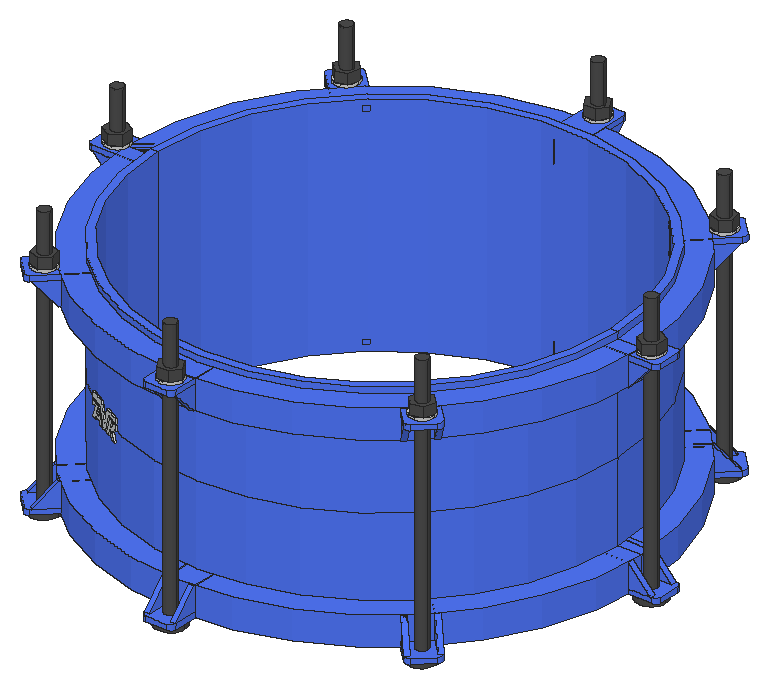
Revit family "601-A-009-DN350-400", category Pipe Accessories, Revit 2019
Family settings
  Round Connector Dimension = Use Diameter
  Part Type = Valve - Breaks Into
  Work Plane-Based = No
  Always vertical = Yes
  Cut with Voids When Loaded = No
  Shared = No
Parameters (values of type "DN400_436-462")
  W2 = (D3 / 2) - 5 mm  # 286 mm
  W1 = 32 mm  # constant formula
  URL_product_pages = "https://www.avkvalves.com/P.aspx?no=6010630006100"
  Search_Table = "601-A-009-DN350-400"
  PCD_Ref_2 = PCD + 24 mm  # 570 mm
  PCD_Ref = PCD - 20 mm  # 526 mm
  PCD = size_lookup(Search_Table, "PCD", 0 mm, DN)  # 546 mm
  L1 = size_lookup(Search_Table, "L1", 0 mm, DN)  # 160 mm
  L = size_lookup(Search_Table, "L", 0 mm, DN)  # 276.5 mm
  ID = DN / 2  # 200.05 mm
  F = 5 mm  # constant formula
  Description_ = "AVK UNIVERSAL SUPA® STRAIGHT COUPLING"
  DN_Ref = DN2 / 2  # 231 mm
  DN400_436-462 = "601-462-000-4100"
  DN400_410-436 = "601-436-000-4100"
  DN350_384-410 = "601-410-000-4100"
  DN350_372-396 = "601-396-000-4100"
  DN2 = size_lookup(Search_Table, "DN2", 0 mm, DN)  # 462 mm
  DN = 400.1 mm
  D3_Ref = D3 - 12 mm  # 570 mm
  D3 = size_lookup(Search_Table, "D3", 0 mm, DN)  # 582 mm
  D2 = D1 / 1.1  # 239.091 mm
  D1 = size_lookup(Search_Table, "D1", 0 mm, DN) / 2  # 263 mm
  Body_height_ref = Body_height - 12 mm  # 219 mm
  Body_height = size_lookup(Search_Table, "Body_height", 0 mm, DN)  # 231 mm
  B2 = Body_height / 2  # 115.5 mm
Types (5, lengths in mm): name | W2 | PCD_Ref_2 | PCD_Ref | PCD | ID | DN_Ref | DN2 | DN | D3_Ref | D3 | D2 | D1
  (no name) | 286 | 570 | 526 | 546 | 200.05 | 231 | 462 | 400.1 | 570 | 582 | 239.091 | 263
  DN350_372-396 | 251.5 | 500 | 456 | 476 | 175 | 198 | 396 | 350 | 501 | 513 | 207.273 | 228
  DN350_384-410 | 260 | 518 | 474 | 494 | 175.05 | 205 | 410 | 350.1 | 518 | 530 | 215 | 236.5
  DN400_410-436 | 273 | 544 | 500 | 520 | 200 | 218 | 436 | 400 | 544 | 556 | 227.273 | 250
  DN400_436-462 | 286 | 570 | 526 | 546 | 200.05 | 231 | 462 | 400.1 | 570 | 582 | 239.091 | 263
Reference planes
  plane 1 "Center (Front/Back)": y = 0
  plane 2: z = 0
  plane 3 "Center (Left/Right)": x = 0
  plane 4: y = 291
  plane 5: x = -16
  plane 6: x = 16
  plane 7: x = -16
  plane 8: y = -291
  plane 9: x = 16
  plane 10: x = -11
  plane 11: y = 286
  plane 12: x = 11
  plane 13: y = 286
  plane 14: y = -286
  plane 15: x = 11
  plane 16: x = -11
  plane 17: y = -286
  plane 18: y = -16
  plane 19: y = 16
  plane 20: x = 16
  plane 21: x = -16
  plane 22: x = 273
  plane 23: x = -273
  plane 24: y = 273
  plane 25: y = -273
  plane 26: z = 109.5
  plane 27: z = -109.5
  plane 28: z = -115.5
  plane 29: z = 161
  plane 30: z = 98.5
  plane 31: through (0, 0, 1200) normal (-0.5, -0.866, 0)
  plane 32: through (167.143, 96.5, 1200) normal (0.5, -0.866, 0)
  plane 33: z = 112.274
  plane 34: through (0, 0, 1200) normal (-0.7071, 0.7071, 0)
  plane 35: through (0, 0, 1200) normal (-0.7071, -0.7071, 0)
  plane 36: through (-230.179, -207.552, 1200) normal (-0.7071, 0.7071, 0)
  plane 37: through (212.337, 189.709, 1200) normal (0.7071, -0.7071, 0)
  plane 38: through (-177.4, -234.136, 1200) normal (-0.7071, -0.7071, 0)
  plane 39: through (177.567, 233.969, 1200) normal (0.7071, 0.7071, 0)
  plane 40: through (-219.827, -184.638, 1200) normal (-0.7071, -0.7071, 0)
  plane 41: through (184.638, 219.827, 1200) normal (-0.7071, -0.7071, 0)
  plane 42: through (179.943, 195.499, 1200) normal (-0.7071, 0.7071, 0)
  plane 43: through (195.499, 179.943, 1200) normal (-0.7071, 0.7071, 0)
  plane 44: through (-208.966, -193.41, 1200) normal (0.7071, -0.7071, 0)
  plane 45: through (-193.41, -208.966, 1200) normal (0.7071, -0.7071, 0)
  plane 46: through (-211.811, 189.183, 1200) normal (0.7071, 0.7071, 0)
  plane 47: through (-189.183, 211.811, 1200) normal (0.7071, 0.7071, 0)
  plane 48: through (-240.477, 171.059, 1200) normal (-0.7071, 0.7071, 0)
  plane 49: through (174.595, -236.941, 1200) normal (-0.7071, 0.7071, 0)
  plane 50: through (-178.577, 194.133, 1200) normal (-0.7071, -0.7071, 0)
  plane 51: through (-176.837, 227.628, 1200) normal (-0.7071, 0.7071, 0)
  plane 52: through (-194.133, 178.577, 1200) normal (-0.7071, -0.7071, 0)
  plane 53: through (227.628, -176.837, 1200) normal (-0.7071, 0.7071, 0)
  plane 54: through (196.19, -180.634, 1200) normal (-0.7071, -0.7071, 0)
  plane 55: through (180.634, -196.19, 1200) normal (0.7071, 0.7071, 0)
  plane 56: through (188.737, -215.728, 1200) normal (-0.7071, 0.7071, 0)
  plane 57: through (-213.546, 190.919, 1200) normal (0.7071, -0.7071, 0)
  plane 58: y = 11
  plane 59: x = -285.643
  plane 60: y = -11
  plane 61: x = -285.643
  plane 62: x = 285.643
  plane 63: y = 11
  plane 64: y = -11
  plane 65: x = 285.643
  plane 66: x = -291
  plane 67: x = 291
  plane 68: through (-213.546, 190.919, 1200) normal (0.7071, -0.7071, 0)
  plane 69: through (-190.919, 213.546, 1200) normal (-0.7071, 0.7071, 0)
  plane 70: through (-198.151, 175.524, 1200) normal (-0.7071, -0.7071, 0)
  plane 71: through (-186.13, 208.758, 1200) normal (0.7071, 0.7071, 0)
  plane 72: through (189.889, -221.648, 1200) normal (-0.7071, 0.7071, 0)
  plane 73: through (213.546, -190.919, 1200) normal (-0.7071, 0.7071, 0)
  plane 74: through (190.919, -213.546, 1200) normal (0.7071, -0.7071, 0)
  plane 75: through (-220.617, 190.919, 1200) normal (-0.7071, 0.7071, 0)
  plane 76: through (-197.922, 182.365, 1200) normal (-0.7071, -0.7071, 0)
  plane 77: through (-182.595, 198.151, 1200) normal (-0.7071, -0.7071, 0)
  plane 78: through (198.151, -182.595, 1200) normal (-0.7071, -0.7071, 0)
  plane 79: through (182.595, -198.151, 1200) normal (-0.7071, -0.7071, 0)
  plane 80: through (-217.411, -194.783, 1200) normal (-0.7071, 0.7071, 0)
  plane 81: through (215.829, 193.201, 1200) normal (0.7071, -0.7071, 0)
  plane 82: through (-224.153, -187.383, 1200) normal (0.7071, 0.7071, 0)
  plane 83: through (180.312, 231.224, 1200) normal (0.7071, 0.7071, 0)
  plane 84: through (182.595, 198.151, 1200) normal (-0.7071, 0.7071, 0)
  plane 85: through (198.151, 182.595, 1200) normal (-0.7071, 0.7071, 0)
  plane 86: through (190.919, 213.546, 1200) normal (-0.7071, -0.7071, 0)
  plane 87: through (213.546, 190.919, 1200) normal (-0.7071, -0.7071, 0)
  plane 88: through (-190.919, -213.546, 1200) normal (-0.7071, -0.7071, 0)
  plane 89: through (-182.595, -198.151, 1200) normal (-0.7071, 0.7071, 0)
  plane 90: through (-213.546, -190.919, 1200) normal (-0.7071, -0.7071, 0)
  plane 91: through (-198.151, -182.595, 1200) normal (0.7071, -0.7071, 0)
Forms (mm)
  Revolve 1, solid, material "Plastic"
    sketch origin (0, 0, 0) x (1, 0, 0) y (0, 0, 1)
      loop
        line (0, 115.5) -> (0, -115.5) -> (239.091, -115.5) -> (239.091, -109.5) -> (263, -109.5) -> (263, -80) -> (239.091, -80) -> (239.091, 0) -> (239.091, 80) -> (263, 80) -> (263, 109.5) -> (239.091, 109.5) -> (239.091, 115.5) -> (0, 115.5)
      axis (0, -115.5) -> (0, 115.5)
    angle from 0 to 360
  Extrusion 2, solid, material "Plastic"
    sketch origin (0, 0, 0) x (1, 0, 0) y (0, 1, 0)
      loop
        arc (-11, 291) -> (-14.536, 289.536) -> (-16, 286) r 5
        line (-16, 286) -> (-16, -16) -> (-16, -286)
        arc (-16, -286) -> (-14.536, -289.536) -> (-11, -291) r 5
        line (-11, -291) -> (11, -291)
        arc (11, -291) -> (14.536, -289.536) -> (16, -286) r 5
        line (16, -286) -> (16, -16) -> (16, 286)
        arc (16, 286) -> (14.536, 289.536) -> (11, 291) r 5
        line (11, 291) -> (-11, 291)
    from 104.5 to 109.5
  Extrusion 3, solid, material "Plastic"
    sketch origin (0, 0, 0) x (1, 0, 0) y (0, 1, 0)
      loop
        line (16, 16) -> (16, 286)
        arc (16, 286) -> (14.536, 289.536) -> (11, 291) r 5
        line (11, 291) -> (-11, 291)
        arc (-11, 291) -> (-14.536, 289.536) -> (-16, 286) r 5
        line (-16, 286) -> (-16, 16) -> (-16, -286)
        arc (-16, -286) -> (-14.536, -289.536) -> (-11, -291) r 5
        line (-11, -291) -> (11, -291)
        arc (11, -291) -> (14.536, -289.536) -> (16, -286) r 5
        line (16, -286) -> (16, 16)
    from -109.5 to -104.5
  Extrusion 4, solid, material "Plastic"
    sketch origin (0, 0, 0) x (0.5, 0.866025, 0) y (-0.866025, 0.5, 0)
      loop
        line (58.567, 280.396) -> (-89.477, -272.114)
        arc (-89.477, -272.114) -> (-88.978, -275.908) -> (-85.942, -278.237) r 5
        line (-85.942, -278.237) -> (-64.691, -283.931)
        arc (-64.691, -283.931) -> (-60.897, -283.432) -> (-58.567, -280.396) r 5
        line (-58.567, -280.396) -> (89.477, 272.114)
        arc (89.477, 272.114) -> (88.978, 275.908) -> (85.942, 278.237) r 5
        line (85.942, 278.237) -> (64.691, 283.931)
        arc (64.691, 283.931) -> (60.897, 283.432) -> (58.567, 280.396) r 5
    from 104.5 to 109.5
  Extrusion 5, solid, material "Plastic"
    sketch origin (0, 0, 0) x (-0.5, 0.866025, 0) y (-0.866025, -0.5, 0)
      loop
        line (89.477, -272.114) -> (-58.567, 280.396)
        arc (-58.567, 280.396) -> (-60.897, 283.432) -> (-64.691, 283.931) r 5
        line (-64.691, 283.931) -> (-85.942, 278.237)
        arc (-85.942, 278.237) -> (-88.978, 275.908) -> (-89.477, 272.114) r 5
        line (-89.477, 272.114) -> (58.567, -280.396)
        arc (58.567, -280.396) -> (60.897, -283.432) -> (64.691, -283.931) r 5
        line (64.691, -283.931) -> (85.942, -278.237)
        arc (85.942, -278.237) -> (88.978, -275.908) -> (89.477, -272.114) r 5
    from 104.5 to 109.5
  Extrusion 6, solid, material "Plastic"
    sketch origin (0, 0, 0) x (1, 0, 0) y (0, 1, 0)
      loop
        line (213.546, -190.919) -> (22.627, 0) -> (213.546, 190.919)
        arc (213.546, 190.919) -> (215.011, 194.454) -> (213.546, 197.99) r 5
        line (213.546, 197.99) -> (197.99, 213.546)
        arc (197.99, 213.546) -> (194.454, 215.011) -> (190.919, 213.546) r 5
        line (190.919, 213.546) -> (0, 22.627) -> (-190.919, 213.546)
        arc (-190.919, 213.546) -> (-194.454, 215.011) -> (-197.99, 213.546) r 5
        line (-197.99, 213.546) -> (-213.546, 197.99)
        arc (-213.546, 197.99) -> (-215.011, 194.454) -> (-213.546, 190.919) r 5
        line (-213.546, 190.919) -> (-22.627, 0) -> (-213.546, -190.919)
        arc (-213.546, -190.919) -> (-215.011, -194.454) -> (-213.546, -197.99) r 5
        line (-213.546, -197.99) -> (-197.99, -213.546)
        arc (-197.99, -213.546) -> (-194.454, -215.011) -> (-190.919, -213.546) r 5
        line (-190.919, -213.546) -> (0, -22.627) -> (190.919, -213.546)
        arc (190.919, -213.546) -> (194.454, -215.011) -> (197.99, -213.546) r 5
        line (197.99, -213.546) -> (213.546, -197.99)
        arc (213.546, -197.99) -> (215.011, -194.454) -> (213.546, -190.919) r 5
    from -104.5 to -109.5
  Extrusion 7, solid, material "Stainless Steel AISI 304"
    sketch origin (0, 0, 0) x (1, 0, 0) y (0, 1, 0)
      loop
        circle (0, 273) r 6
      loop
        circle (0, -273) r 6
      loop
        circle (-193.04, 193.04) r 6
      loop
        circle (193.04, -193.04) r 6
      loop
        circle (-193.04, -193.04) r 6
      loop
        circle (193.04, 193.04) r 6
      loop
        circle (-273, 0) r 6
      loop
        circle (273, 0) r 6
    from -104.5 to 161
  Extrusion 8, solid, material "Stainless Steel AISI 304(1)"
    sketch origin (0, 0, 0) x (1, 0, 0) y (0, 1, 0)
      loop
        circle (0, 273) r 12
      loop
        circle (0, -273) r 12
      loop
        circle (-193.04, 193.04) r 12
      loop
        circle (193.04, 193.04) r 12
      loop
        circle (-193.04, -193.04) r 12
      loop
        circle (193.04, -193.04) r 12
      loop
        circle (-273, 0) r 12
      loop
        circle (273, 0) r 12
    from 109.5 to 111.822
  Extrusion 9, solid, material "Stainless Steel AISI 304"
    sketch origin (0, 0, 0) x (1, 0, 0) y (0, 1, 0)
      loop
        line (12, 273) -> (6, 283.392) -> (-6, 283.392) -> (-12, 273) -> (-6, 262.608) -> (6, 262.608) -> (12, 273)
      loop
        line (189.934, -204.631) -> (201.525, -201.525) -> (204.631, -189.934) -> (196.146, -181.449) -> (184.555, -184.555) -> (181.449, -196.146) -> (189.934, -204.631)
      loop
        line (12, -273) -> (6, -262.608) -> (-6, -262.608) -> (-12, -273) -> (-6, -283.392) -> (6, -283.392) -> (12, -273)
      loop
        line (-189.934, 204.631) -> (-201.525, 201.525) -> (-204.631, 189.934) -> (-196.146, 181.449) -> (-184.555, 184.555) -> (-181.449, 196.146) -> (-189.934, 204.631)
      loop
        line (-189.934, -204.631) -> (-181.449, -196.146) -> (-184.555, -184.555) -> (-196.146, -181.449) -> (-204.631, -189.934) -> (-201.525, -201.525) -> (-189.934, -204.631)
      loop
        line (189.934, 204.631) -> (181.449, 196.146) -> (184.555, 184.555) -> (196.146, 181.449) -> (204.631, 189.934) -> (201.525, 201.525) -> (189.934, 204.631)
      loop
        line (283.392, -6) -> (283.392, 6) -> (273, 12) -> (262.608, 6) -> (262.608, -6) -> (273, -12) -> (283.392, -6)
      loop
        line (-283.392, 6) -> (-283.392, -6) -> (-273, -12) -> (-262.608, -6) -> (-262.608, 6) -> (-273, 12) -> (-283.392, 6)
    from 111.822 to 122.274
  Extrusion 10, solid, material "Stainless Steel AISI 304"
    sketch origin (0, 0, 0) x (1, 0, 0) y (0, 1, 0)
      loop
        circle (0, 273) r 15
      loop
        circle (0, -273) r 15
      loop
        circle (193.04, 193.04) r 15
      loop
        circle (-193.04, 193.04) r 15
      loop
        circle (193.04, -193.04) r 15
      loop
        circle (-193.04, -193.04) r 15
      loop
        circle (-273, 0) r 15
      loop
        circle (273, 0) r 15
    from -109.5 to -115.5
  Blend 11, solid, material "Plastic"
    base sketch origin (0, 0, 0) x (1, 0, 0) y (0, 1, 0)
      loop
        line (16, 286) -> (11, 286) -> (11, -286) -> (16, -286) -> (16, 286)
    top sketch origin (0, 0, 0) x (1, 0, 0) y (0, 1, 0)
      loop
        line (10.961, 263) -> (10.961, -263) -> (16, -263) -> (16, 263) -> (10.961, 263)
    from 104.5 to 80
  Blend 12, solid, material "Plastic"
    base sketch origin (0, 0, 0) x (1, 0, 0) y (0, 1, 0)
      loop
        line (-16, 286) -> (-16, -286) -> (-11, -286) -> (-11, 286) -> (-16, 286)
    top sketch origin (0, 0, 0) x (1, 0, 0) y (0, 1, 0)
      loop
        line (-16, 263) -> (-16, -263) -> (-11, -263) -> (-11, 263) -> (-16, 263)
    from 104.5 to 80
  Blend 13, solid, material "Plastic"
    base sketch origin (0, 0, 0) x (1, 0, 0) y (0, 1, 0)
      loop
        line (193.747, 209.304) -> (190.212, 212.839) -> (-212.839, -190.212) -> (-209.304, -193.747) -> (193.747, 209.304)
    top sketch origin (0, 0, 0) x (1, 0, 0) y (0, 1, 0)
      loop
        line (178.191, 193.747) -> (174.655, 197.283) -> (-197.283, -174.655) -> (-193.747, -178.191) -> (178.191, 193.747)
    from 104.5 to 80
  Blend 14, solid, material "Plastic"
    base sketch origin (0, 0, 0) x (1, 0, 0) y (0, 1, 0)
      loop
        line (212.839, 190.212) -> (209.304, 193.747) -> (-193.747, -209.304) -> (-190.212, -212.839) -> (212.839, 190.212)
    top sketch origin (0, 0, 0) x (1, 0, 0) y (0, 1, 0)
      loop
        line (193.747, 178.191) -> (-178.191, -193.747) -> (-174.655, -197.283) -> (197.283, 174.655) -> (193.747, 178.191)
    from 104.5 to 80
  Blend 15, solid, material "Plastic"
    base sketch origin (0, 0, 0) x (1, 0, 0) y (0, 1, 0)
      loop
        line (-190.212, 212.839) -> (-193.747, 209.304) -> (209.304, -193.747) -> (212.839, -190.212) -> (-190.212, 212.839)
    top sketch origin (0, 0, 0) x (1, 0, 0) y (0, 1, 0)
      loop
        line (-174.655, 197.283) -> (-178.191, 193.747) -> (193.747, -178.191) -> (197.283, -174.655) -> (-174.655, 197.283)
    from 104.5 to 80
  Blend 16, solid, material "Plastic"
    base sketch origin (0, 0, 0) x (1, 0, 0) y (0, 1, 0)
      loop
        line (-212.839, 190.212) -> (190.212, -212.839) -> (193.475, -209.576) -> (-209.576, 193.475) -> (-212.839, 190.212)
    top sketch origin (0, 0, 0) x (1, 0, 0) y (0, 1, 0)
      loop
        line (-197.283, 174.655) -> (174.655, -197.283) -> (177.919, -194.019) -> (-194.019, 177.919) -> (-197.283, 174.655)
    from 104.5 to 80
  Blend 17, solid, material "Plastic"
    base sketch origin (0, 0, 0) x (1, 0, 0) y (0, 1, 0)
      loop
        line (-212.839, 190.212) -> (190.212, -212.839) -> (193.475, -209.576) -> (-209.576, 193.475) -> (-212.839, 190.212)
    top sketch origin (0, 0, 0) x (1, 0, 0) y (0, 1, 0)
      loop
        line (-194.019, 177.919) -> (-197.283, 174.655) -> (174.655, -197.283) -> (177.919, -194.019) -> (-194.019, 177.919)
    from -104.5 to -80
  Blend 18, solid, material "Plastic"
    base sketch origin (0, 0, 0) x (1, 0, 0) y (0, 1, 0)
      loop
        line (-212.839, 190.212) -> (190.212, -212.839) -> (193.475, -209.576) -> (-209.576, 193.475) -> (-212.839, 190.212)
    top sketch origin (0, 0, 0) x (1, 0, 0) y (0, 1, 0)
      loop
        line (-197.283, 174.655) -> (174.655, -197.283) -> (177.919, -194.019) -> (-194.019, 177.919) -> (-197.283, 174.655)
    from -104.5 to -80
  Blend 19, solid, material "Plastic"
    base sketch origin (0, 0, 0) x (1, 0, 0) y (0, 1, 0)
      loop
        line (193.747, 209.304) -> (190.212, 212.839) -> (-212.839, -190.212) -> (-209.304, -193.747) -> (193.747, 209.304)
    top sketch origin (0, 0, 0) x (1, 0, 0) y (0, 1, 0)
      loop
        line (178.191, 193.747) -> (174.655, 197.283) -> (-197.283, -174.655) -> (-193.747, -178.191) -> (178.191, 193.747)
    from -104.5 to -80
  Blend 20, solid, material "Plastic"
    base sketch origin (0, 0, 0) x (1, 0, 0) y (0, 1, 0)
      loop
        line (212.839, 190.212) -> (209.304, 193.747) -> (-193.747, -209.304) -> (-190.212, -212.839) -> (212.839, 190.212)
    top sketch origin (0, 0, 0) x (1, 0, 0) y (0, 1, 0)
      loop
        line (193.747, 178.191) -> (-178.191, -193.747) -> (-174.655, -197.283) -> (197.283, 174.655) -> (193.747, 178.191)
    from -104.5 to -80
  Blend 21, solid, material "Plastic"
    base sketch origin (0, 0, 0) x (1, 0, 0) y (0, 1, 0)
      loop
        line (11, 286) -> (11, -286) -> (16, -286) -> (16, 286) -> (11, 286)
    top sketch origin (0, 0, 0) x (1, 0, 0) y (0, 1, 0)
      loop
        line (10.961, 263) -> (10.961, -263) -> (16, -263) -> (16, 263) -> (10.961, 263)
    from -104.5 to -80
  Blend 22, solid, material "Plastic"
    base sketch origin (0, 0, 0) x (1, 0, 0) y (0, 1, 0)
      loop
        line (-11, 286) -> (-16, 286) -> (-16, -286) -> (-11, -286) -> (-11, 286)
    top sketch origin (0, 0, 0) x (1, 0, 0) y (0, 1, 0)
      loop
        line (-11, -263) -> (-11, 263) -> (-16, 263) -> (-16, -263) -> (-11, -263)
    from -104.5 to -80
  Extrusion 23, solid, material "Plastic"
    sketch origin (0, 0, 0) x (1, 0, 0) y (0, 1, 0)
      loop
        arc (-285.643, 16) -> (-289.307, 14.556) -> (-291, 11) r 5.37
        line (-291, 11) -> (-291, -11)
        arc (-291, -11) -> (-289.408, -14.664) -> (-285.643, -16) r 5.012
        line (-285.643, -16) -> (285.643, -16)
        arc (285.643, -16) -> (289.307, -14.556) -> (291, -11) r 5.37
        line (291, -11) -> (291, 11)
        arc (291, 11) -> (289.408, 14.664) -> (285.643, 16) r 5.012
        line (285.643, 16) -> (-285.643, 16)
    from 104.5 to 109.5
  Blend 24, solid, material "Plastic"
    base sketch origin (0, 0, 0) x (1, 0, 0) y (0, 1, 0)
      loop
        line (-285, 16) -> (-285, 11) -> (285, 11) -> (285, 16) -> (-285, 16)
    top sketch origin (0, 0, 0) x (1, 0, 0) y (0, 1, 0)
      loop
        line (-263, 16) -> (-263, 11) -> (263, 11) -> (263, 16) -> (-263, 16)
    from 104.5 to 80
  Blend 25, solid, material "Plastic"
    base sketch origin (0, 0, 0) x (1, 0, 0) y (0, 1, 0)
      loop
        line (-263, -16) -> (263, -16) -> (263, -11) -> (-263, -11) -> (-263, -16)
    top sketch origin (0, 0, 0) x (1, 0, 0) y (0, 1, 0)
      loop
        line (-285, -16) -> (285, -16) -> (285, -11) -> (-285, -11) -> (-285, -16)
    from 80 to 104.5
  Blend 26, solid, material "Plastic"
    base sketch origin (0, 0, 0) x (1, 0, 0) y (0, 1, 0)
      loop
        line (-285, -11) -> (-285, -16) -> (285, -16) -> (285, -11) -> (-285, -11)
    top sketch origin (0, 0, 0) x (1, 0, 0) y (0, 1, 0)
      loop
        line (-263, -11) -> (-263, -16) -> (263, -16) -> (263, -11) -> (-263, -11)
    from -104.5 to -80
  Blend 27, solid, material "Plastic"
    base sketch origin (0, 0, 0) x (1, 0, 0) y (0, 1, 0)
      loop
        line (-285.643, 16) -> (-285.643, 11) -> (285, 11) -> (285, 16) -> (-285.643, 16)
    top sketch origin (0, 0, 0) x (1, 0, 0) y (0, 1, 0)
      loop
        line (-263, 16) -> (-263, 11) -> (263, 11) -> (263, 16) -> (-263, 16)
    from -104.5 to -80
  Extrusion 28, solid, material "Plastic"
    sketch origin (0, 0, 0) x (1, 0, 0) y (0, 1, 0)
      loop
        line (285.643, 16) -> (-285.643, 16)
        arc (-285.643, 16) -> (-289.307, 14.556) -> (-291, 11) r 5.37
        line (-291, 11) -> (-291, -11)
        arc (-291, -11) -> (-289.408, -14.664) -> (-285.643, -16) r 5.012
        line (-285.643, -16) -> (285.643, -16)
        arc (285.643, -16) -> (289.307, -14.556) -> (291, -11) r 5.37
        line (291, -11) -> (291, 11)
        arc (291, 11) -> (289.408, 14.664) -> (285.643, 16) r 5.012
    from -104.5 to -109.5
  Blend 29, solid, material "Plastic"
    base sketch origin (0, 0, 0) x (1, 0, 0) y (0, 1, 0)
      loop
        line (-193.747, 209.304) -> (209.304, -193.747) -> (212.839, -190.212) -> (-190.212, 212.839) -> (-193.747, 209.304)
    top sketch origin (0, 0, 0) x (1, 0, 0) y (0, 1, 0)
      loop
        line (-178.191, 193.747) -> (193.747, -178.191) -> (197.283, -174.655) -> (-174.655, 197.283) -> (-178.191, 193.747)
    from -104.5 to -80
  Revolve 30, void
    sketch origin (0, 0, 0) x (1, 0, 0) y (0, 0, 1)
      loop
        line (0, 115.5) -> (0, -115.5) -> (231, -115.5) -> (231, 115.5) -> (0, 115.5)
      axis (0, -115.5) -> (0, 115.5)
    angle from 0 to 360
Cuts and joins
  Revolve 30 cuts Revolve 1
  Revolve 30 cuts Extrusion 2
  Revolve 30 cuts Extrusion 3
  Revolve 30 cuts Extrusion 4
  Revolve 30 cuts Extrusion 5
  Revolve 30 cuts Extrusion 6
  Revolve 30 cuts Blend 11
  Revolve 30 cuts Blend 12
  Revolve 30 cuts Blend 13
  Revolve 30 cuts Blend 14
  Revolve 30 cuts Blend 15
  Revolve 30 cuts Blend 16
  Revolve 30 cuts Blend 17
  Revolve 30 cuts Blend 18
  Revolve 30 cuts Blend 19
  Revolve 30 cuts Blend 20
  Revolve 30 cuts Blend 21
  Revolve 30 cuts Blend 22
  Revolve 30 cuts Extrusion 23
  Revolve 30 cuts Blend 24
  Revolve 30 cuts Blend 25
  Revolve 30 cuts Blend 26
  Revolve 30 cuts Blend 27
  Revolve 30 cuts Extrusion 28
  Revolve 30 cuts Blend 29
Dimensions and locks
  "L1": Revolve 1 sketch curve to Revolve 1 sketch curve
  equal spacing: Revolve 1 sketch curve, level, Revolve 1 sketch curve  (x2)
  "D1": Revolve 1 sketch curve to plane 3 "Center (Left/Right)"
  "D2": Revolve 1 sketch curve to Revolve 1 sketch curve
  locked: plane 12 to plane 6 at 5
  locked: plane 4 to plane 13 at 5
  locked: plane 5 to plane 10 at 5
  locked: plane 4 to plane 11 at 5
  locked: plane 17 to plane 8 at 5
  locked: plane 14 to plane 8 at 5
  locked: plane 7 to plane 16 at 5
  locked: plane 15 to plane 9 at 5
  equal spacing: plane 5, plane 3 "Center (Left/Right)", plane 6
  equal spacing: plane 7, plane 3 "Center (Left/Right)", plane 9
  "W1": plane 5 to plane 6
  "W1": plane 7 to plane 9
  equal spacing: plane 4, plane 1 "Center (Front/Back)", plane 8
  "D3": plane 4 to plane 8
  equal spacing: plane 22, plane 3 "Center (Left/Right)", plane 23
  "PCD": plane 22 to plane 23
  equal spacing: plane 24, plane 1 "Center (Front/Back)", plane 25
  "PCD": plane 24 to plane 25
  locked: Revolve 1 sketch curve to Revolve 1 sketch curve at 6  (x2)
  "Body_height": Revolve 1 sketch curve to Revolve 1 sketch curve
  equal spacing: plane 26, level, plane 27
  "Body_height_ref": plane 26 to plane 27
  "F": Extrusion 3 to plane 27
  "F": plane 26 to Extrusion 2
  "B2": level to plane 28
  "L": plane 29 to plane 28
  equal spacing: Extrusion 7 sketch curve, plane 1 "Center (Front/Back)", Extrusion 7 sketch curve
  "PCD": Extrusion 7 sketch curve to Extrusion 7 sketch curve  (x4)
  equal spacing: Extrusion 8 sketch curve, plane 1 "Center (Front/Back)", Extrusion 8 sketch curve
  "PCD": Extrusion 8 sketch curve to Extrusion 8 sketch curve  (x4)
  locked: Extrusion 8 to plane 26 at 2.322
  equal spacing: Extrusion 9 sketch curve, plane 1 "Center (Front/Back)", Extrusion 9 sketch curve
  "PCD": Extrusion 9 sketch curve to Extrusion 9 sketch curve  (x2)
  locked: Extrusion 9 to Extrusion 8 at 10.452
  "PCD_Ref_2": Extrusion 9 sketch curve to Extrusion 9 sketch curve  (x2)
  equal spacing: Extrusion 10 sketch curve, plane 1 "Center (Front/Back)", Extrusion 10 sketch curve
  "PCD": Extrusion 10 sketch curve to Extrusion 10 sketch curve  (x4)
  locked: Blend 11 sketch curve to Blend 11 sketch curve at 5
  equal spacing: Blend 12 sketch curve, plane 1 "Center (Front/Back)", Blend 12 sketch curve
  "PCD_Ref": Blend 12 sketch curve to Blend 12 sketch curve
  equal spacing: Blend 11 sketch curve, plane 1 "Center (Front/Back)", Blend 11 sketch curve
  "PCD_Ref": Blend 11 sketch curve to Blend 11 sketch curve
  equal spacing: plane 36, plane 34, plane 37
  locked: plane 41 to plane 39 at 5
  locked: plane 36 to plane 42 at 5
  locked: plane 43 to plane 37 at 5
  locked: plane 37 to plane 45 at 5
  locked: plane 36 to plane 44 at 5
  locked: plane 38 to plane 40 at 5
  "W1": plane 36 to plane 37
  equal spacing: plane 38, plane 35, plane 39
  "D3": plane 39 to plane 38
  locked: plane 48 to plane 51 at 5
  locked: plane 52 to plane 46 at 5
  locked: plane 50 to plane 47 at 5
  locked: plane 53 to plane 49 at 5
  locked: plane 54 to plane 47 at 5
  locked: plane 55 to plane 46 at 5
  equal spacing: plane 48, plane 34, plane 49
  equal spacing: plane 47, plane 35, plane 46
  "W1": plane 47 to plane 46
  locked: plane 48 to plane 57 at 5
  locked: plane 56 to plane 49 at 5
  "D3": plane 48 to plane 49
  equal spacing: Extrusion 7 sketch curve, plane 34, Extrusion 7 sketch curve
  equal spacing: Extrusion 7 sketch curve, plane 35, Extrusion 7 sketch curve
  equal spacing: Extrusion 10 sketch curve, plane 34, Extrusion 10 sketch curve
  equal spacing: Extrusion 10 sketch curve, plane 35, Extrusion 10 sketch curve
  equal spacing: Extrusion 8 sketch curve, plane 34, Extrusion 8 sketch curve
  equal spacing: Extrusion 8 sketch curve, plane 35, Extrusion 8 sketch curve
  equal spacing: Extrusion 9 sketch curve, plane 34, Extrusion 9 sketch curve
  equal spacing: Extrusion 9 sketch curve, plane 35, Extrusion 9 sketch curve
  equal spacing: Blend 13 sketch curve, plane 35, Blend 13 sketch curve  (x2)
  "D3_Ref": Blend 13 sketch curve to Blend 13 sketch curve
  "PCD_Ref": Blend 13 sketch curve to Blend 13 sketch curve
  equal spacing: Blend 14 sketch curve, plane 35, Blend 14 sketch curve  (x2)
  "PCD_Ref": Blend 14 sketch curve to Blend 14 sketch curve
  "D3_Ref": Blend 14 sketch curve to Blend 14 sketch curve
  equal spacing: Blend 20 sketch curve, plane 35, Blend 20 sketch curve  (x2)
  "PCD_Ref": Blend 20 sketch curve to Blend 20 sketch curve
  locked: Blend 20 sketch curve to Blend 20 sketch curve at 5
  "D3_Ref": Blend 20 sketch curve to Blend 20 sketch curve
  equal spacing: Blend 19 sketch curve, plane 35, Blend 19 sketch curve  (x2)
  "PCD_Ref": Blend 19 sketch curve to Blend 19 sketch curve
  equal spacing: Blend 15 sketch curve, plane 34, Blend 15 sketch curve  (x2)
  "PCD_Ref": Blend 15 sketch curve to Blend 15 sketch curve
  "D3_Ref": Blend 15 sketch curve to Blend 15 sketch curve
  equal spacing: Blend 16 sketch curve, plane 34, Blend 16 sketch curve  (x2)
  "PCD_Ref": Blend 16 sketch curve to Blend 16 sketch curve
  "D3_Ref": Blend 16 sketch curve to Blend 16 sketch curve
  equal spacing: Blend 18 sketch curve, plane 34, Blend 18 sketch curve  (x2)
  "PCD_Ref": Blend 18 sketch curve to Blend 18 sketch curve
  "D3_Ref": Blend 18 sketch curve to Blend 18 sketch curve
  equal spacing: Blend 17 sketch curve, plane 34, Blend 17 sketch curve  (x2)
  "PCD_Ref": Blend 17 sketch curve to Blend 17 sketch curve
  "D3_Ref": Blend 17 sketch curve to Blend 17 sketch curve
  equal spacing: Extrusion 10 sketch curve, plane 3 "Center (Left/Right)", Extrusion 10 sketch curve
  equal spacing: Extrusion 7 sketch curve, plane 3 "Center (Left/Right)", Extrusion 7 sketch curve
  equal spacing: Extrusion 8 sketch curve, plane 3 "Center (Left/Right)", Extrusion 8 sketch curve
  equal spacing: Extrusion 9 sketch curve, plane 3 "Center (Left/Right)", Extrusion 9 sketch curve
  equal spacing: plane 66, plane 3 "Center (Left/Right)", plane 67
  "D3": plane 66 to plane 67
  locked: plane 62 to plane 67 at 5.357
  locked: plane 19 to plane 63 at 5
  locked: plane 18 to plane 64 at 5
  locked: plane 65 to plane 67 at 5.357
  locked: plane 66 to plane 59 at 5.357
  locked: plane 58 to plane 19 at 5
  locked: plane 18 to plane 60 at 5
  locked: plane 66 to plane 61 at 5.357
  locked: Blend 24 sketch curve to Blend 24 sketch curve at 5
  equal spacing: Blend 24 sketch curve, plane 3 "Center (Left/Right)", Blend 24 sketch curve  (x2)
  "D3_Ref": Blend 24 sketch curve to Blend 24 sketch curve
  "PCD_Ref": Blend 24 sketch curve to Blend 24 sketch curve
  locked: Blend 25 sketch curve to Extrusion 23 at 5
  equal spacing: Blend 25 sketch curve, plane 3 "Center (Left/Right)", Blend 25 sketch curve  (x2)
  "PCD_Ref": Blend 25 sketch curve to Blend 25 sketch curve
  locked: Extrusion 23 to Blend 25 sketch curve at 5
  "D3_Ref": Blend 25 sketch curve to Blend 25 sketch curve
  equal spacing: Blend 27 sketch curve, plane 3 "Center (Left/Right)", Blend 27 sketch curve
  "PCD_Ref": Blend 27 sketch curve to Blend 27 sketch curve
  locked: plane 88 to plane 82 at 5
  locked: plane 89 to plane 81 at 5
  locked: plane 80 to plane 91 at 5
  locked: plane 90 to plane 82 at 5
  locked: plane 80 to plane 84 at 5
  locked: plane 81 to plane 85 at 5
  locked: plane 87 to plane 83 at 5
  locked: plane 86 to plane 83 at 5
  equal spacing: plane 80, plane 34, plane 81
  "W1": plane 80 to plane 81
  equal spacing: plane 83, plane 35, plane 82
  "D3": plane 83 to plane 82
  locked: plane 75 to plane 69 at 5
  locked: plane 70 to plane 76 at 5
  locked: plane 77 to plane 71 at 5
  locked: plane 75 to plane 68 at 5
  locked: plane 78 to plane 71 at 5
  locked: plane 70 to plane 79 at 5
  locked: plane 73 to plane 72 at 5
  locked: plane 72 to plane 74 at 5
  "W1": plane 70 to plane 71
  equal spacing: plane 70, plane 35, plane 71
  equal spacing: plane 75, plane 34, plane 72
  "D3": plane 75 to plane 72
  locked: Blend 13 sketch curve to Blend 13 sketch curve at 5
  locked: Blend 19 sketch curve to Blend 19 sketch curve at 5
  equal spacing: Blend 29 sketch curve, plane 34, Blend 29 sketch curve  (x2)
  "D3_Ref": Blend 29 sketch curve to Blend 29 sketch curve
  "PCD_Ref": Blend 29 sketch curve to Blend 29 sketch curve
  "DN_Ref": Revolve 30 sketch curve to plane 3 "Center (Left/Right)"
  locked: Blend 14 sketch curve to Blend 14 sketch curve at 5
  "D3_Ref": Blend 19 sketch curve to Blend 19 sketch curve
  locked: cut or joined group of Extrusion 4, Revolve 30 to Blend 15 sketch curve at 5
  locked: cut or joined group of Extrusion 4, Revolve 30 to Blend 16 sketch curve at 4.615
  cut or joined group of Revolve 1, Revolve 30 to cut or joined group of Revolve 1, Revolve 30 = 160 mm
  angle plane 34 to plane 3 "Center (Left/Right)" = 45.00°
  angle plane 3 "Center (Left/Right)" to plane 35 = 45.00°
  aligned and locked: level to plane 2
  aligned and locked: Revolve 1 sketch curve to Revolve 1 sketch curve  (x5)
  aligned and locked: Revolve 1 sketch curve to plane 3 "Center (Left/Right)"
  aligned and locked: plane 4 to Extrusion 2 sketch curve  (x2)
  aligned and locked: Extrusion 2 sketch curve to plane 10
  aligned and locked: plane 11 to Extrusion 2 sketch curve
  aligned and locked: plane 5 to Extrusion 2 sketch curve
  aligned and locked: Extrusion 2 sketch curve to plane 12
  aligned and locked: Extrusion 2 sketch curve to plane 13
  aligned and locked: plane 6 to Extrusion 2 sketch curve
  aligned and locked: Extrusion 2 sketch curve to plane 9
  aligned and locked: plane 14 to Extrusion 2 sketch curve
  aligned and locked: plane 8 to Extrusion 2 sketch curve  (x2)
  aligned and locked: plane 15 to Extrusion 2 sketch curve
  aligned and locked: plane 16 to Extrusion 2 sketch curve
  aligned and locked: Extrusion 2 sketch curve to plane 17
  aligned and locked: Extrusion 2 sketch curve to plane 7
  aligned and locked: plane 9 to Extrusion 2 sketch curve
  aligned and locked: Extrusion 2 sketch curve to plane 5
  aligned and locked: Extrusion 2 to Extrusion 3 sketch curve
  aligned and locked: Extrusion 3 sketch curve to Extrusion 2  (x5)
  aligned and locked: Extrusion 2 to plane 26
  aligned and locked: plane 27 to Extrusion 3
  aligned and locked: Revolve 1 to Extrusion 5
  aligned and locked: Extrusion 5 to Extrusion 2
  aligned and locked: Revolve 1 to Extrusion 4
  aligned and locked: Extrusion 4 to Extrusion 2
  aligned and locked: Extrusion 6 to Revolve 1
  aligned and locked: Extrusion 6 to Extrusion 3
  aligned and locked: Extrusion 7 to Extrusion 3
  aligned and locked: Extrusion 7 to plane 29
  aligned and locked: Extrusion 8 to Extrusion 5
  aligned and locked: Extrusion 9 to Extrusion 8
  aligned and locked: Extrusion 10 to Extrusion 6
  aligned and locked: Extrusion 10 to Revolve 1
  aligned and locked: plane 21 to Blend 12 sketch curve
  aligned and locked: Blend 12 sketch curve to var sketch
  aligned and locked: Revolve 1 to Blend 15
  aligned and locked: Blend 15 to Extrusion 2
  aligned and locked: Revolve 1 to Blend 16
  aligned and locked: Blend 16 to Extrusion 2
  aligned and locked: Revolve 1 to Blend 17
  aligned and locked: Blend 17 to Extrusion 3
  aligned and locked: Blend 18 to Extrusion 3
  aligned and locked: Revolve 1 to Blend 18
  aligned and locked: Blend 19 to Extrusion 3
  aligned and locked: Revolve 1 to Blend 19
  aligned and locked: Blend 20 to Extrusion 3
  aligned and locked: Revolve 1 to Blend 20
  aligned and locked: Blend 21 sketch curve to Blend 11  (x8)
  aligned and locked: Blend 21 to Extrusion 3
  aligned and locked: Revolve 1 to Blend 21
  aligned and locked: Blend 22 sketch curve to Blend 12  (x8)
  aligned and locked: Blend 22 to Extrusion 3
  aligned and locked: Revolve 1 to Blend 22
  aligned and locked: Extrusion 7 to Blend 17
  aligned and locked: Extrusion 7 to Blend 18
  aligned and locked: plane 39 to Extrusion 5 sketch curve  (x2)
  aligned and locked: plane 41 to Extrusion 5 sketch curve  (x2)
  aligned and locked: Extrusion 5 sketch curve to plane 42
  aligned and locked: Extrusion 5 sketch curve to plane 43
  aligned and locked: plane 37 to Extrusion 5 sketch curve  (x2)
  aligned and locked: plane 40 to Extrusion 5 sketch curve  (x2)
  aligned and locked: plane 38 to Extrusion 5 sketch curve  (x2)
  aligned and locked: plane 45 to Extrusion 5 sketch curve
  aligned and locked: plane 44 to Extrusion 5 sketch curve
  aligned and locked: plane 36 to Extrusion 5 sketch curve
  aligned and locked: Extrusion 4 sketch curve to plane 55
  aligned and locked: plane 49 to Extrusion 4 sketch curve  (x2)
  aligned and locked: Extrusion 4 sketch curve to plane 56
  aligned and locked: plane 53 to Extrusion 4 sketch curve
  aligned and locked: plane 54 to Extrusion 4 sketch curve
  aligned and locked: plane 46 to Extrusion 4 sketch curve
  aligned and locked: plane 57 to Extrusion 4 sketch curve
  aligned and locked: Extrusion 4 sketch curve to plane 52
  aligned and locked: plane 48 to Extrusion 4 sketch curve  (x2)
  aligned and locked: Extrusion 4 sketch curve to plane 50
  aligned and locked: plane 47 to Extrusion 4 sketch curve
  aligned and locked: plane 51 to Extrusion 4 sketch curve
  aligned and locked: plane 19 to Extrusion 23 sketch curve  (x2)
  aligned and locked: Extrusion 23 sketch curve to plane 18
  aligned and locked: Extrusion 23 sketch curve to plane 58
  aligned and locked: plane 66 to Extrusion 23 sketch curve  (x2)
  aligned and locked: plane 59 to Extrusion 23 sketch curve
  aligned and locked: plane 18 to Extrusion 23 sketch curve
  aligned and locked: plane 61 to Extrusion 23 sketch curve
  aligned and locked: Extrusion 23 sketch curve to plane 60
  aligned and locked: plane 62 to Extrusion 23 sketch curve
  aligned and locked: plane 67 to Extrusion 23 sketch curve  (x2)
  aligned and locked: Extrusion 23 sketch curve to plane 63
  aligned and locked: Extrusion 23 sketch curve to plane 64
  aligned and locked: plane 65 to Extrusion 23 sketch curve
  aligned and locked: Blend 24 sketch curve to Extrusion 23
  aligned and locked: plane 19 to Blend 24 sketch curve
  aligned and locked: var sketch to Blend 24 sketch curve
  aligned and locked: Extrusion 23 to Extrusion 8
  aligned and locked: Extrusion 23 to Blend 25 sketch curve
  aligned and locked: Blend 25 sketch curve to Extrusion 23
  aligned and locked: Blend 26 sketch curve to Blend 25  (x7)
  aligned and locked: var sketch to Blend 26 sketch curve
  aligned and locked: Extrusion 7 to Blend 26
  aligned and locked: Blend 27 sketch curve to Extrusion 23  (x2)
  aligned and locked: Blend 27 sketch curve to Blend 24  (x2)
  aligned and locked: var sketch to Blend 27 sketch curve
  aligned and locked: Extrusion 7 to Blend 27
  aligned and locked: Extrusion 28 sketch curve to Extrusion 23  (x8)
  aligned and locked: Extrusion 28 to plane 27
  aligned and locked: Extrusion 28 to Extrusion 7
  aligned and locked: plane 69 to Extrusion 6 sketch curve
  aligned and locked: plane 71 to Extrusion 6 sketch curve  (x2)
  aligned and locked: plane 75 to Extrusion 6 sketch curve  (x2)
  aligned and locked: Extrusion 6 sketch curve to plane 77
  aligned and locked: Extrusion 6 sketch curve to plane 76
  aligned and locked: Extrusion 6 sketch curve to plane 70
  aligned and locked: plane 68 to Extrusion 6 sketch curve
  aligned and locked: plane 73 to Extrusion 6 sketch curve
  aligned and locked: plane 72 to Extrusion 6 sketch curve  (x2)
  aligned and locked: plane 78 to Extrusion 6 sketch curve
  aligned and locked: plane 79 to Extrusion 6 sketch curve
  aligned and locked: plane 70 to Extrusion 6 sketch curve
  aligned and locked: plane 74 to Extrusion 6 sketch curve
  aligned and locked: plane 81 to Extrusion 6 sketch curve  (x2)
  aligned and locked: plane 87 to Extrusion 6 sketch curve
  aligned and locked: Extrusion 6 sketch curve to plane 85
  aligned and locked: plane 83 to Extrusion 6 sketch curve  (x2)
  aligned and locked: Extrusion 6 sketch curve to plane 84
  aligned and locked: plane 80 to Extrusion 6 sketch curve  (x2)
  aligned and locked: plane 86 to Extrusion 6 sketch curve
  aligned and locked: plane 82 to Extrusion 6 sketch curve  (x2)
  aligned and locked: plane 88 to Extrusion 6 sketch curve
  aligned and locked: plane 89 to Extrusion 6 sketch curve
  aligned and locked: plane 90 to Extrusion 6 sketch curve
  aligned and locked: Extrusion 6 sketch curve to plane 91
  aligned and locked: Blend 20 sketch curve to var sketch  (x2)
  aligned and locked: Blend 13 sketch curve to var sketch
  aligned and locked: var sketch to Blend 15 sketch curve  (x2)
  aligned and locked: Blend 18 sketch curve to var sketch
  aligned and locked: Extrusion 7 to Blend 29
  aligned and locked: Revolve 30 sketch curve to Revolve 1
  aligned and locked: plane 3 "Center (Left/Right)" to Revolve 30 sketch curve
  aligned and locked: Revolve 30 sketch curve to Extrusion 10
  aligned and locked: Revolve 30 sketch curve to Revolve 30 sketch curve
  aligned and locked: cut or joined group of Extrusion 5, Revolve 30 to Blend 14 sketch curve
  aligned and locked: Blend 14 sketch curve to var sketch  (x2)
  aligned and locked: Blend 20 sketch curve to cut or joined group of Blend 14, Revolve 30
  aligned and locked: Blend 19 sketch curve to cut or joined group of Extrusion 5, Revolve 30
  aligned and locked: Blend 19 sketch curve to var sketch
  aligned and locked: Blend 13 sketch curve to cut or joined group of Blend 19, Revolve 30
  aligned and locked: Blend 15 sketch curve to cut or joined group of Extrusion 4, Revolve 30
  aligned and locked: Blend 29 sketch curve to cut or joined group of Blend 15, Revolve 30
  aligned and locked: Blend 29 sketch curve to cut or joined group of Extrusion 4, Revolve 30
  aligned and locked: Blend 29 sketch curve to var sketch
  aligned and locked: cut or joined group of Extrusion 4, Revolve 30 to Blend 29 sketch curve
  aligned and locked: cut or joined group of Extrusion 4, Revolve 30 to Blend 16 sketch curve  (x2)
  aligned and locked: Blend 16 sketch curve to var sketch
  aligned and locked: Blend 18 sketch curve to cut or joined group of Extrusion 4, Revolve 30
  aligned and locked: Blend 18 sketch curve to cut or joined group of Blend 16, Revolve 30
  aligned and locked: cut or joined group of Blend 16, Revolve 30 to Blend 18 sketch curve
  aligned and locked: Blend 17 sketch curve to cut or joined group of Extrusion 4, Revolve 30  (x2)
  aligned and locked: Blend 17 sketch curve to cut or joined group of Blend 16, Revolve 30  (x2)
Automatic sketch dimensions
  plane 19 to Extrusion 3 sketch curve = 0 mm  (x2)
  Blend 11 sketch curve to plane 24 = 13 mm
  plane 25 to Blend 11 sketch curve = 13 mm
  plane 25 to Blend 12 sketch curve = 13 mm
  Blend 12 sketch curve to plane 24 = 13 mm
  Blend 11 sketch curve to plane 20 = 0 mm  (x2)
  Blend 12 sketch curve to plane 21 = 0 mm
  Blend 12 sketch curve to Blend 12 sketch curve = 5 mm
  Revolve 1 sketch curve to level = 0 mm
  Revolve 1 sketch curve to level = 22 mm
  level to Revolve 1 sketch curve = 38 mm
  plane 18 to Extrusion 2 sketch curve = 0 mm  (x2)
  Extrusion 4 sketch curve to plane 46 = 0 mm
  plane 52 to Extrusion 4 sketch curve = 0 mm
  plane 50 to Extrusion 4 sketch curve = 0 mm
  Extrusion 4 sketch curve to plane 53 = 0 mm
  Extrusion 4 sketch curve to plane 51 = 0 mm  (x2)
  Extrusion 4 sketch curve to plane 50 = 0 mm
  plane 40 to Extrusion 5 sketch curve = 0 mm  (x2)
  plane 37 to Extrusion 5 sketch curve = 0 mm
  plane 41 to Extrusion 5 sketch curve = 0 mm  (x2)
  plane 42 to Extrusion 5 sketch curve = 0 mm
  plane 68 to Extrusion 6 sketch curve = 0 mm  (x2)
  Extrusion 6 sketch curve to plane 84 = 0 mm
  Extrusion 6 sketch curve to plane 3 "Center (Left/Right)" = 0 mm  (x2)
  plane 85 to Extrusion 6 sketch curve = 0 mm
  Extrusion 6 sketch curve to plane 73 = 0 mm  (x2)
  Extrusion 6 sketch curve to plane 85 = 0 mm
  plane 1 "Center (Front/Back)" to Extrusion 6 sketch curve = 0 mm  (x2)
  plane 84 to Extrusion 6 sketch curve = 0 mm
  Extrusion 7 sketch curve to plane 35 = 0 mm
  Extrusion 7 sketch curve to plane 34 = 0 mm  (x2)
  Extrusion 7 sketch curve to plane 3 "Center (Left/Right)" = 0 mm  (x2)
  plane 35 to Extrusion 7 sketch curve = 0 mm
  plane 1 "Center (Front/Back)" to Extrusion 7 sketch curve = 0 mm  (x2)
  Extrusion 8 sketch curve to plane 35 = 0 mm
  Extrusion 8 sketch curve to plane 34 = 0 mm  (x2)
  Extrusion 8 sketch curve to plane 3 "Center (Left/Right)" = 0 mm  (x2)
  plane 35 to Extrusion 8 sketch curve = 0 mm
  plane 1 "Center (Front/Back)" to Extrusion 8 sketch curve = 0 mm  (x2)
  Extrusion 9 sketch curve to plane 23 = 0 mm
  Extrusion 9 sketch curve to plane 34 = 0 mm  (x4)
  Extrusion 9 sketch curve to plane 35 = 0 mm  (x2)
  plane 24 to Extrusion 9 sketch curve = 0 mm
  plane 25 to Extrusion 9 sketch curve = 0 mm
  plane 35 to Extrusion 9 sketch curve = 0 mm  (x2)
  Extrusion 9 sketch curve to plane 22 = 0 mm
  Extrusion 9 sketch curve to plane 23 = 10.392 mm
  plane 23 to Extrusion 9 sketch curve = 10.392 mm
  Extrusion 9 sketch curve to Extrusion 9 sketch curve = 3.106 mm  (x13)
  Extrusion 9 sketch curve to Extrusion 9 sketch curve = 8.485 mm  (x7)
  Extrusion 9 sketch curve to Extrusion 9 sketch curve = 11.591 mm  (x14)
  plane 21 to Extrusion 9 sketch curve = 4 mm  (x2)
  Extrusion 9 sketch curve to plane 3 "Center (Left/Right)" = 6 mm  (x4)
  plane 3 "Center (Left/Right)" to Extrusion 9 sketch curve = 6 mm  (x4)
  Extrusion 9 sketch curve to plane 20 = 4 mm  (x2)
  Extrusion 9 sketch curve to Extrusion 9 sketch curve = 20.076 mm  (x2)
  Extrusion 9 sketch curve to plane 22 = 10.392 mm
  plane 22 to Extrusion 9 sketch curve = 10.392 mm
  plane 25 to Extrusion 9 sketch curve = 10.392 mm
  Extrusion 9 sketch curve to plane 25 = 10.392 mm
  Extrusion 9 sketch curve to plane 18 = 4 mm  (x2)
  plane 1 "Center (Front/Back)" to Extrusion 9 sketch curve = 6 mm  (x4)
  Extrusion 9 sketch curve to plane 1 "Center (Front/Back)" = 6 mm  (x4)
  plane 19 to Extrusion 9 sketch curve = 4 mm  (x2)
  plane 24 to Extrusion 9 sketch curve = 10.392 mm
  Extrusion 9 sketch curve to plane 24 = 10.392 mm
  Extrusion 10 sketch curve to plane 35 = 0 mm
  Extrusion 10 sketch curve to plane 34 = 0 mm  (x2)
  Extrusion 10 sketch curve to plane 3 "Center (Left/Right)" = 0 mm  (x2)
  plane 35 to Extrusion 10 sketch curve = 0 mm
  plane 1 "Center (Front/Back)" to Extrusion 10 sketch curve = 0 mm  (x2)
  Blend 11 sketch curve to plane 20 = 5.039 mm
  Blend 13 sketch curve to Blend 13 sketch curve = 3.536 mm
  Blend 19 sketch curve to Blend 19 sketch curve = 3.536 mm
  plane 19 to Blend 27 sketch curve = 0 mm
  Revolve 30 sketch curve to level = 15.5 mm
  level to Revolve 30 sketch curve = 14.5 mm
  radius of Extrusion 7 sketch curve = 6 mm  (x8)
  radius of Extrusion 8 sketch curve = 12 mm  (x8)
  radius of Extrusion 10 sketch curve = 15 mm  (x8)
Nested families
  nested 1: "LOGO - Copy - Copy - Copy - Copy" at (-119.039, -207.35, -20) x (0.8672, -0.4979, 0) z (-0.4979, -0.8672, 0), type "LOGO - Copy - Copy - Copy - Copy"
Connectors
  piping at (0, 0, 115.5), diameter 462, driven by "DN2"
    settings: on Revolve 1, index 1, connector inside diameter 609.6 mm, connector length 0 mm, flow factor 0, pipe flow 0.0 L/s, pressure drop 0.0 Pa, fitting loss kfactor 0, connector angle 0.00°, fixture units 0, engagement length 0 mm, angle of deflection 0.00°, flow configuration 0, flow direction 0, fitting loss method 0, system type 19, joint type 0, gender type 0, connector reference index -1, connector utility 0, adjustable connector no, is connector primary yes, connector description ""
  piping at (0, 0, -115.5), diameter 462, driven by "DN2"
    settings: on Revolve 1, index 2, connector inside diameter 609.6 mm, connector length 0 mm, flow factor 0, pipe flow 0.0 L/s, pressure drop 0.0 Pa, fitting loss kfactor 0, connector angle 0.00°, fixture units 0, engagement length 0 mm, angle of deflection 0.00°, flow configuration 0, flow direction 0, fitting loss method 0, system type 19, joint type 0, gender type 0, connector reference index -1, connector utility 0, adjustable connector no, is connector primary no, connector description ""
Definition of nested family "LOGO - Copy - Copy - Copy - Copy"
  Parameters (values of type "LOGO - Copy - Copy - Copy - Copy")
    Default Elevation = 1219.2 mm
  Reference planes
    plane 1 "Center (Front/Back)": y = 0
    plane 2: z = 0
    plane 3 "Center (Left/Right)": x = 0
  Forms (mm)
    Extrusion 1, solid
      sketch origin (0, 0, 0) x (1, 0, 0) y (0, 1, 0)
        loop
          line (-1219.2, 1219.2) -> (-1219.2, -1219.2) -> (1219.2, -1219.2) -> (1219.2, 1219.2) -> (-1219.2, 1219.2)
      from 0 to -304.8
    Extrusion 2, solid
      sketch origin (0, 0, 0) x (1, 0, 0) y (0, 1, 0)
        loop
          line (-6.514, 34.224) -> (-24, 34.224) -> (-24, 29.481) -> (-9.766, 29.481) -> (-2.391, 11.367) -> (2.391, 11.367) -> (9.766, 29.481) -> (24, 29.481) -> (24, 34.224) -> (6.514, 34.224) -> (0, 18.224) -> (-6.514, 34.224)
        loop
          line (-10.996, 27.653) -> (-24, 27.653) -> (-24, 23.081) -> (-19.503, 23.081) -> (-24, 11.367) -> (-18.92, 11.367) -> (-17.955, 13.881) -> (-10.51, 13.881) -> (-9.486, 11.367) -> (-4.365, 11.367) -> (-10.996, 27.653)
        loop
          line (-16.777, 18.224) -> (-12.278, 18.224) -> (-14.594, 23.912) -> (-16.777, 18.224)
        loop
          line (4.365, 11.367) -> (9.486, 11.367) -> (12.093, 17.77) -> (16.918, 11.367) -> (22.857, 11.367) -> (17.399, 18.61)
          arc (17.399, 18.61) -> (20.583, 20.18) -> (22.629, 23.081) r 7.2
          line (22.629, 23.081) -> (24, 23.081) -> (24, 27.653) -> (19.429, 27.653)
          arc (19.429, 27.653) -> (17.763, 23.526) -> (13.699, 21.714) r 5.943
          line (13.699, 21.714) -> (16.117, 27.653) -> (10.996, 27.653) -> (4.365, 11.367)
      from 0 to 1
  Dimensions and locks
    aligned and locked: plane 2 to Extrusion 1
    aligned and locked: level to Extrusion 1
    aligned and locked: Extrusion 2 sketch curve to import instance
